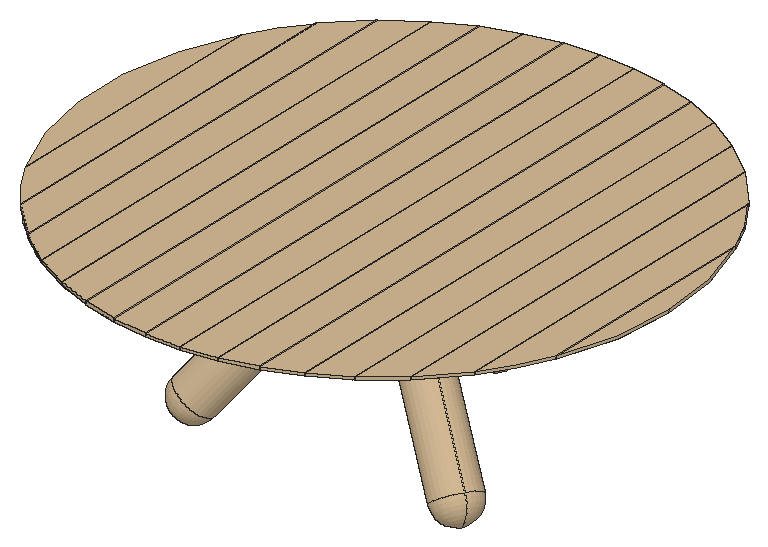
Revit family "MESA DE JANTAR AREA EXTERNA Ø200cm SEM TAMPO", category Sistema de mobiliário, Revit 2024
Family settings
  Cota do conector redondo = Utilizar diâmetro
  Tipo de parte = Normal
  Com base no plano de trabalho = Não
  Ativar corte nas vistas = Não
  Sempre na vertical = Sim
  Corte com vazios quando carregada = Não
  Compartilhado = Não
  Ponto de cálculo do ambiente = Não
Parameters
  Elevação padrão = 0.0 cm
Reference planes (cm)
  plane 1 "Centro (Frente/Trás)": y = 0
  plane 2: z = 0
  plane 3 "Centro (Esquerda/Direita)": x = 0
  plane 4: x = -100
  plane 5: x = 100
  plane 6: y = -99.8031
  plane 7: y = 99.8031
Forms (cm)
  Revolve 1, solid, material "MADEIRA NATURAL"
    sketch origin (0, 0, 0) x (1, 0, 0) y (0, 0, 1)
      loop
        line (0, 70.5988) -> (0, 74.6105) -> (-100, 74.6105) -> (-70, 70.5988) -> (0, 70.5988)
      axis (0, 74.6105) -> (0, 70.5988)
    angle from 0 to 360
  Extrusion 2, solid, material "MADEIRA NATURAL"
    sketch origin (0, 0, 74.6105) x (1, 0, 0) y (0, 1, 0)
      loop
        line (-88.1, -47.3116) -> (-88.1, 47.3116)
        arc (-88.1, 47.3116) -> (-100, 0) -> (-88.1, -47.3116) r 100
    from 0 to 1
  Extrusion 3, solid, material "MADEIRA NATURAL"
    sketch origin (12, 0, 74.6105) x (1, 0, 0) y (0, 1, 0)
      loop
        line (-88.1, -64.8752) -> (-88.1, 64.8752)
        arc (-88.1, 64.8752) -> (-94.5088, 56.5004) -> (-100, 47.4974) r 100
        line (-100, 47.4974) -> (-100, -47.4974)
        arc (-100, -47.4974) -> (-94.5088, -56.5004) -> (-88.1, -64.8752) r 100
    from 0 to 1
  Extrusion 4, solid, material "MADEIRA NATURAL"
    sketch origin (24, 0, 74.6105) x (1, 0, 0) y (0, 1, 0)
      loop
        line (-88.1, -76.7541) -> (-88.1, 76.7541)
        arc (-88.1, 76.7541) -> (-94.2964, 71.1225) -> (-100, 64.9923) r 100
        line (-100, 64.9923) -> (-100, -64.9923)
        arc (-100, -64.9923) -> (-94.2964, -71.1225) -> (-88.1, -76.7541) r 100
    from 0 to 1
  Extrusion 5, solid, material "MADEIRA NATURAL"
    sketch origin (36, 0, 74.6105) x (1, 0, 0) y (0, 1, 0)
      loop
        line (-88.1, -85.3557) -> (-88.1, 85.3557)
        arc (-88.1, 85.3557) -> (-94.206, 81.3146) -> (-100, 76.8375) r 100
        line (-100, 76.8375) -> (-100, -76.8375)
        arc (-100, -76.8375) -> (-94.206, -81.3146) -> (-88.1, -85.3557) r 100
    from 0 to 1
  Extrusion 6, solid, material "MADEIRA NATURAL"
    sketch origin (48, 0, 74.6105) x (1, 0, 0) y (0, 1, 0)
      loop
        line (-88.1, -91.6078) -> (-88.1, 91.6078)
        arc (-88.1, 91.6078) -> (-94.1539, 88.712) -> (-100, 85.4166) r 100
        line (-100, 85.4166) -> (-100, -85.4166)
        arc (-100, -85.4166) -> (-94.1539, -88.712) -> (-88.1, -91.6078) r 100
    from 0 to 1
  Extrusion 7, solid, material "MADEIRA NATURAL"
    sketch origin (60, 0, 74.6105) x (1, 0, 0) y (0, 1, 0)
      loop
        line (-88.1, -95.9708) -> (-88.1, 95.9708)
        arc (-88.1, 95.9708) -> (-94.1184, 93.9996) -> (-100, 91.6515) r 100
        line (-100, 91.6515) -> (-100, -91.6515)
        arc (-100, -91.6515) -> (-94.1184, -93.9996) -> (-88.1, -95.9708) r 100
    from 0 to 1
  Extrusion 8, solid, material "MADEIRA NATURAL"
    sketch origin (72, 0, 74.6105) x (1, 0, 0) y (0, 1, 0)
      loop
        line (-88.1, -98.6954) -> (-88.1, 98.6954)
        arc (-88.1, 98.6954) -> (-94.0911, 97.5294) -> (-100, 96) r 100
        line (-100, 96) -> (-100, -96)
        arc (-100, -96) -> (-94.0911, -97.5294) -> (-88.1, -98.6954) r 100
    from 0 to 1
  Extrusion 9, solid, material "MADEIRA NATURAL"
    sketch origin (84, 0, 74.6105) x (1, 0, 0) y (0, 1, 0)
      loop
        line (-88.1, -99.9159) -> (-88.1, 99.9159)
        arc (-88.1, 99.9159) -> (-94.068, 99.4919) -> (-100, 98.7117) r 100
        line (-100, 98.7117) -> (-100, -98.7117)
        arc (-100, -98.7117) -> (-94.068, -99.4919) -> (-88.1, -99.9159) r 100
    from 0 to 1
  Extrusion 10, solid, material "MADEIRA NATURAL"
    sketch origin (96, 0, 74.6105) x (1, 0, 0) y (0, 1, 0)
      loop
        line (-88.1, -99.6875) -> (-88.1, 99.6875)
        arc (-88.1, 99.6875) -> (-94.0465, 99.9809) -> (-100, 99.92) r 100
        line (-100, 99.92) -> (-100, -99.92)
        arc (-100, -99.92) -> (-94.0465, -99.9809) -> (-88.1, -99.6875) r 100
    from 0 to 1
  Extrusion 11, solid, material "MADEIRA NATURAL"
    sketch origin (108, 0, 74.6105) x (1, 0, 0) y (0, 1, 0)
      loop
        line (-88.1, -97.9999) -> (-88.1, 97.9999)
        arc (-88.1, 97.9999) -> (-94.0247, 99.0186) -> (-100, 99.6795) r 100
        line (-100, 99.6795) -> (-100, -99.6795)
        arc (-100, -99.6795) -> (-94.0247, -99.0186) -> (-88.1, -97.9999) r 100
    from 0 to 1
  Extrusion 12, solid, material "MADEIRA NATURAL"
    sketch origin (120, 0, 74.6105) x (1, 0, 0) y (0, 1, 0)
      loop
        line (-88.1, -94.7755) -> (-88.1, 94.7755)
        arc (-88.1, 94.7755) -> (-94.0006, 96.561) -> (-100, 97.9796) r 100
        line (-100, 97.9796) -> (-100, -97.9796)
        arc (-100, -97.9796) -> (-94.0006, -96.561) -> (-88.1, -94.7755) r 100
    from 0 to 1
  Extrusion 13, solid, material "MADEIRA NATURAL"
    sketch origin (132, 0, 74.6105) x (1, 0, 0) y (0, 1, 0)
      loop
        line (-88.1, -89.8487) -> (-88.1, 89.8487)
        arc (-88.1, 89.8487) -> (-93.9712, 92.4868) -> (-100, 94.7418) r 100
        line (-100, 94.7418) -> (-100, -94.7418)
        arc (-100, -94.7418) -> (-93.9712, -92.4868) -> (-88.1, -89.8487) r 100
    from 0 to 1
  Extrusion 14, solid, material "MADEIRA NATURAL"
    sketch origin (144, 0, 74.6105) x (1, 0, 0) y (0, 1, 0)
      loop
        line (-88.1, -82.9168) -> (-88.1, 82.9168)
        arc (-88.1, 82.9168) -> (-93.9316, 86.563) -> (-100, 89.7998) r 100
        line (-100, 89.7998) -> (-100, -89.7998)
        arc (-100, -89.7998) -> (-93.9316, -86.563) -> (-88.1, -82.9168) r 100
    from 0 to 1
  Extrusion 15, solid, material "MADEIRA NATURAL"
    sketch origin (156, 0, 74.6105) x (1, 0, 0) y (0, 1, 0)
      loop
        line (-88.1, -73.4138) -> (-88.1, 73.4138)
        arc (-88.1, 73.4138) -> (-93.8706, 78.3578) -> (-100, 82.8493) r 100
        line (-100, 82.8493) -> (-100, -82.8493)
        arc (-100, -82.8493) -> (-93.8706, -78.3578) -> (-88.1, -73.4138) r 100
    from 0 to 1
  Extrusion 16, solid, material "MADEIRA NATURAL"
    sketch origin (168, 0, 74.6105) x (1, 0, 0) y (0, 1, 0)
      loop
        line (-88.1, -60.1331) -> (-88.1, 60.1331)
        arc (-88.1, 60.1331) -> (-93.7566, 66.9919) -> (-100, 73.3212) r 100
        line (-100, 73.3212) -> (-100, -73.3212)
        arc (-100, -73.3212) -> (-93.7566, -66.9919) -> (-88.1, -60.1331) r 100
    from 0 to 1
  Extrusion 17, solid, material "MADEIRA NATURAL"
    sketch origin (180, 0, 74.6105) x (1, 0, 0) y (0, 1, 0)
      loop
        line (-88.1, -39.4258) -> (-88.1, 39.4258)
        arc (-88.1, 39.4258) -> (-93.4366, 50.0677) -> (-100, 60) r 100
        line (-100, 60) -> (-100, -60)
        arc (-100, -60) -> (-93.4366, -50.0677) -> (-88.1, -39.4258) r 100
    from 0 to 1
  Extrusion 18, solid, material "MADEIRA NATURAL"
    sketch origin (192, 0, 74.6105) x (1, 0, 0) y (0, 1, 0)
      loop
        arc (-100, -39.1918) -> (-94.0204, -20) -> (-92, 0) r 100
        arc (-92, 0) -> (-94.0204, 20) -> (-100, 39.1918) r 100
        line (-100, 39.1918) -> (-100, -39.1918)
    from 0 to 1
  Revolve 19, solid, material "MADEIRA NATURAL"
    sketch origin (-2.4431, 2.63, -1.1822) x (0.046498, 0.998772, 0.017073) y (-0.037496, 0.018825, -0.999119)
      loop
        line (51.3701, -2.4833) -> (7.4376, -60.7837)
        arc (7.4376, -60.7837) -> (13.3657, -62.3168) -> (18.6416, -59.2091) r 8.0003
        line (18.6416, -59.2091) -> (52.9447, -13.6874)
        arc (52.9447, -13.6874) -> (54.4778, -7.7592) -> (51.3701, -2.4833) r 8.0003
      axis (7.4376, -60.7837) -> (51.3701, -2.4833)
    angle from 0 to 360
  Revolve 20, solid, material "MADEIRA NATURAL"
    sketch origin (6.0353, -2.9696, -2.371) x (0.864889, -0.499695, 0.047663) y (-0.034878, 0.034899, 0.998782)
      loop
        arc (51.3701, 2.4833) -> (54.4778, 7.7592) -> (52.9447, 13.6874) r 8.0003
        line (52.9447, 13.6874) -> (18.6416, 59.2091)
        arc (18.6416, 59.2091) -> (13.3657, 62.3168) -> (7.4376, 60.7837) r 8.0003
        line (7.4376, 60.7837) -> (51.3701, 2.4833)
      axis (7.4376, 60.7837) -> (51.3701, 2.4833)
    angle from 0 to 360
  Revolve 21, solid, material "MADEIRA NATURAL"
    sketch origin (-6.0353, -2.9696, -2.371) x (-0.864889, -0.499695, 0.047663) y (-0.034878, -0.034899, -0.998782)
      loop
        line (51.3701, -2.4833) -> (7.4376, -60.7837)
        arc (7.4376, -60.7837) -> (13.3657, -62.3168) -> (18.6416, -59.2091) r 8.0003
        line (18.6416, -59.2091) -> (52.9447, -13.6874)
        arc (52.9447, -13.6874) -> (54.4778, -7.7592) -> (51.3701, -2.4833) r 8.0003
      axis (7.4376, -60.7837) -> (51.3701, -2.4833)
    angle from 0 to 360
  Extrusion 22, void
    sketch origin (-2.02, 22.5039, 0) x (0, 1, 0) y (0, 0, 1)
      loop
        arc (-20.4501, 30.5988) -> (7.8342, 42.3145) -> (19.5499, 70.5988) r 40
        line (19.5499, 70.5988) -> (-20.4501, 70.5988) -> (-20.4501, 30.5988)
    from 0 to 4
  Extrusion 23, void
    sketch origin (20.8705, -9.2474, 0) x (0.857167, -0.515038, 0) y (0, 0, 1)
      loop
        arc (-21.9739, 30.5988) -> (6.3104, 42.3145) -> (18.0261, 70.5988) r 40
        line (18.0261, 70.5988) -> (-21.9739, 70.5988) -> (-21.9739, 30.5988)
    from 0 to 4
  Extrusion 24, void
    sketch origin (-20.9205, -9.2474, 0) x (-0.857167, -0.515038, 0) y (0, 0, -1)
      loop
        line (-21.9739, -30.5988) -> (-21.9739, -70.5988) -> (18.0261, -70.5988)
        arc (18.0261, -70.5988) -> (6.3104, -42.3145) -> (-21.9739, -30.5988) r 40
    from 0 to 4
  Extrusion 25, solid, material "MADEIRA NATURAL"
    sketch origin (-2.02, 22.5039, 0) x (0, 1, 0) y (0, 0, 1)
      loop
        arc (-20.4501, 30.5988) -> (7.8342, 42.3145) -> (19.5499, 70.5988) r 40
        line (19.5499, 70.5988) -> (-20.4501, 70.5988) -> (-20.4501, 30.5988)
    from 0 to 4
  Extrusion 26, solid, material "MADEIRA NATURAL"
    sketch origin (20.8705, -9.2474, 0) x (0.857167, -0.515038, 0) y (0, 0, 1)
      loop
        arc (-21.9739, 30.5988) -> (6.3104, 42.3145) -> (18.0261, 70.5988) r 40
        line (18.0261, 70.5988) -> (-21.9739, 70.5988) -> (-21.9739, 30.5988)
    from 0 to 4
  Extrusion 27, solid, material "MADEIRA NATURAL"
    sketch origin (-20.9205, -9.2474, 0) x (-0.857167, -0.515038, 0) y (0, 0, -1)
      loop
        line (-21.9739, -30.5988) -> (-21.9739, -70.5988) -> (18.0261, -70.5988)
        arc (18.0261, -70.5988) -> (6.3104, -42.3145) -> (-21.9739, -30.5988) r 40
    from 0 to 4
Cuts and joins
  Extrusion 22 cuts Revolve 19
  Extrusion 24 cuts Revolve 21
  Extrusion 23 cuts Revolve 20
Dimensions and locks (cm)
  equal spacing: plane 6, plane 1 "Centro (Frente/Trás)", plane 7
  equal spacing: plane 4, plane 3 "Centro (Esquerda/Direita)", plane 5
  aligned and locked: level to plane 2
Automatic sketch dimensions
  Revolve 1 sketch curve to plane 4 = 0.0 cm
  Revolve 1 sketch curve to plane 3 "Centro (Esquerda/Direita)" = 0.0 cm  (x2)
  plane 4 to Revolve 1 sketch curve = 30.0 cm
  level to Revolve 1 sketch curve = 70.5988 cm
  Revolve 1 sketch curve to Revolve 1 sketch curve = 4.0117 cm
  Revolve 1 sketch curve to Revolve 1 sketch curve = 12.0883 cm
  Revolve 1 sketch curve to Revolve 1 sketch curve = 13.6 cm
  plane 1 "Centro (Frente/Trás)" to Extrusion 2 sketch curve = 0.0 cm
  Extrusion 2 sketch curve to plane 3 "Centro (Esquerda/Direita)" = 0.0 cm
  plane 4 to Extrusion 2 sketch curve = 11.9 cm
  plane 1 "Centro (Frente/Trás)" to Extrusion 2 sketch curve = 47.3116 cm
  Extrusion 3 sketch curve to Extrusion 3 sketch curve = 0.0 cm  (x2)
  plane 1 "Centro (Frente/Trás)" to Extrusion 3 sketch curve = 0.0 cm
  Extrusion 3 sketch curve to plane 3 "Centro (Esquerda/Direita)" = 0.0 cm
  plane 4 to Extrusion 3 sketch curve = 23.9 cm
  plane 4 to Extrusion 3 sketch curve = 12.0 cm
  plane 1 "Centro (Frente/Trás)" to Extrusion 3 sketch curve = 47.4974 cm
  Extrusion 3 sketch curve to plane 1 "Centro (Frente/Trás)" = 47.4974 cm
  Extrusion 4 sketch curve to Extrusion 4 sketch curve = 0.0 cm  (x2)
  plane 1 "Centro (Frente/Trás)" to Extrusion 4 sketch curve = 0.0 cm
  Extrusion 4 sketch curve to plane 3 "Centro (Esquerda/Direita)" = 0.0 cm
  plane 4 to Extrusion 4 sketch curve = 35.9 cm
  Extrusion 4 sketch curve to Extrusion 4 sketch curve = 11.9 cm
  Extrusion 4 sketch curve to plane 6 = 34.8108 cm
  plane 7 to Extrusion 4 sketch curve = 34.8108 cm
  Extrusion 5 sketch curve to Extrusion 5 sketch curve = 0.0 cm  (x2)
  plane 1 "Centro (Frente/Trás)" to Extrusion 5 sketch curve = 0.0 cm
  Extrusion 5 sketch curve to plane 3 "Centro (Esquerda/Direita)" = 0.0 cm
  plane 7 to Extrusion 5 sketch curve = 14.4475 cm
  plane 4 to Extrusion 5 sketch curve = 47.9 cm
  Extrusion 5 sketch curve to Extrusion 5 sketch curve = 11.9 cm
  Extrusion 5 sketch curve to plane 6 = 22.9656 cm
  Extrusion 6 sketch curve to Extrusion 6 sketch curve = 0.0 cm  (x2)
  plane 1 "Centro (Frente/Trás)" to Extrusion 6 sketch curve = 0.0 cm
  Extrusion 6 sketch curve to plane 3 "Centro (Esquerda/Direita)" = 0.0 cm
  Extrusion 6 sketch curve to plane 6 = 8.1953 cm
  Extrusion 6 sketch curve to plane 3 "Centro (Esquerda/Direita)" = 40.1 cm
  Extrusion 6 sketch curve to Extrusion 6 sketch curve = 11.9 cm
  plane 7 to Extrusion 6 sketch curve = 14.3865 cm
  Extrusion 7 sketch curve to Extrusion 7 sketch curve = 0.0 cm  (x2)
  plane 1 "Centro (Frente/Trás)" to Extrusion 7 sketch curve = 0.0 cm
  Extrusion 7 sketch curve to plane 3 "Centro (Esquerda/Direita)" = 0.0 cm
  Extrusion 7 sketch curve to plane 6 = 3.8324 cm
  Extrusion 7 sketch curve to plane 3 "Centro (Esquerda/Direita)" = 28.1 cm
  plane 7 to Extrusion 7 sketch curve = 8.1516 cm
  Extrusion 7 sketch curve to Extrusion 7 sketch curve = 11.9 cm
  Extrusion 8 sketch curve to Extrusion 8 sketch curve = 0.0 cm  (x2)
  plane 1 "Centro (Frente/Trás)" to Extrusion 8 sketch curve = 0.0 cm
  Extrusion 8 sketch curve to plane 3 "Centro (Esquerda/Direita)" = 0.0 cm
  Extrusion 8 sketch curve to plane 6 = 1.1077 cm
  Extrusion 8 sketch curve to plane 3 "Centro (Esquerda/Direita)" = 16.1 cm
  plane 7 to Extrusion 8 sketch curve = 3.8031 cm
  Extrusion 8 sketch curve to Extrusion 8 sketch curve = 11.9 cm
  Extrusion 9 sketch curve to Extrusion 9 sketch curve = 0.0 cm  (x2)
  plane 1 "Centro (Frente/Trás)" to Extrusion 9 sketch curve = 0.0 cm
  Extrusion 9 sketch curve to plane 3 "Centro (Esquerda/Direita)" = 0.0 cm
  plane 6 to Extrusion 9 sketch curve = 0.1128 cm
  Extrusion 9 sketch curve to plane 3 "Centro (Esquerda/Direita)" = 4.1 cm
  plane 7 to Extrusion 9 sketch curve = 1.0914 cm
  Extrusion 9 sketch curve to Extrusion 9 sketch curve = 11.9 cm
  Extrusion 10 sketch curve to Extrusion 10 sketch curve = 0.0 cm  (x2)
  plane 1 "Centro (Frente/Trás)" to Extrusion 10 sketch curve = 0.0 cm
  Extrusion 10 sketch curve to plane 3 "Centro (Esquerda/Direita)" = 0.0 cm
  Extrusion 10 sketch curve to plane 7 = 0.1168 cm
  Extrusion 10 sketch curve to plane 3 "Centro (Esquerda/Direita)" = 4.0 cm
  Extrusion 10 sketch curve to plane 6 = 0.1157 cm
  plane 3 "Centro (Esquerda/Direita)" to Extrusion 10 sketch curve = 7.9 cm
  Extrusion 11 sketch curve to Extrusion 11 sketch curve = 0.0 cm  (x2)
  plane 1 "Centro (Frente/Trás)" to Extrusion 11 sketch curve = 0.0 cm
  Extrusion 11 sketch curve to plane 3 "Centro (Esquerda/Direita)" = 0.0 cm
  Extrusion 11 sketch curve to plane 6 = 0.1236 cm
  plane 3 "Centro (Esquerda/Direita)" to Extrusion 11 sketch curve = 8.0 cm
  plane 7 to Extrusion 11 sketch curve = 1.8032 cm
  Extrusion 11 sketch curve to Extrusion 11 sketch curve = 11.9 cm
  Extrusion 12 sketch curve to Extrusion 12 sketch curve = 0.0 cm  (x2)
  plane 1 "Centro (Frente/Trás)" to Extrusion 12 sketch curve = 0.0 cm
  Extrusion 12 sketch curve to plane 3 "Centro (Esquerda/Direita)" = 0.0 cm
  plane 7 to Extrusion 12 sketch curve = 1.8235 cm
  plane 3 "Centro (Esquerda/Direita)" to Extrusion 12 sketch curve = 20.0 cm
  plane 7 to Extrusion 12 sketch curve = 5.0277 cm
  Extrusion 12 sketch curve to plane 6 = 5.0277 cm
  Extrusion 13 sketch curve to Extrusion 13 sketch curve = 0.0 cm  (x2)
  plane 1 "Centro (Frente/Trás)" to Extrusion 13 sketch curve = 0.0 cm
  Extrusion 13 sketch curve to plane 3 "Centro (Esquerda/Direita)" = 0.0 cm
  Extrusion 13 sketch curve to plane 6 = 5.0614 cm
  plane 3 "Centro (Esquerda/Direita)" to Extrusion 13 sketch curve = 32.0 cm
  Extrusion 13 sketch curve to Extrusion 13 sketch curve = 11.9 cm
  plane 7 to Extrusion 13 sketch curve = 9.9544 cm
  Extrusion 14 sketch curve to Extrusion 14 sketch curve = 0.0 cm  (x2)
  plane 1 "Centro (Frente/Trás)" to Extrusion 14 sketch curve = 0.0 cm
  Extrusion 14 sketch curve to plane 3 "Centro (Esquerda/Direita)" = 0.0 cm
  plane 7 to Extrusion 14 sketch curve = 10.0034 cm
  plane 3 "Centro (Esquerda/Direita)" to Extrusion 14 sketch curve = 44.0 cm
  Extrusion 14 sketch curve to Extrusion 14 sketch curve = 11.9 cm
  Extrusion 14 sketch curve to plane 6 = 16.8864 cm
  Extrusion 15 sketch curve to Extrusion 15 sketch curve = 0.0 cm  (x2)
  plane 1 "Centro (Frente/Trás)" to Extrusion 15 sketch curve = 0.0 cm
  Extrusion 15 sketch curve to plane 3 "Centro (Esquerda/Direita)" = 0.0 cm
  Extrusion 15 sketch curve to plane 6 = 16.9539 cm
  Extrusion 15 sketch curve to plane 5 = 44.0 cm
  Extrusion 15 sketch curve to Extrusion 15 sketch curve = 11.9 cm
  plane 7 to Extrusion 15 sketch curve = 26.3893 cm
  Extrusion 16 sketch curve to Extrusion 16 sketch curve = 0.0 cm  (x2)
  plane 1 "Centro (Frente/Trás)" to Extrusion 16 sketch curve = 0.0 cm
  Extrusion 16 sketch curve to plane 3 "Centro (Esquerda/Direita)" = 0.0 cm
  Extrusion 16 sketch curve to plane 5 = 32.0 cm
  Extrusion 16 sketch curve to Extrusion 16 sketch curve = 11.9 cm
  Extrusion 16 sketch curve to plane 6 = 39.67 cm
  plane 7 to Extrusion 16 sketch curve = 39.67 cm
  Extrusion 17 sketch curve to Extrusion 17 sketch curve = 0.0 cm  (x2)
  plane 1 "Centro (Frente/Trás)" to Extrusion 17 sketch curve = 0.0 cm
  Extrusion 17 sketch curve to plane 3 "Centro (Esquerda/Direita)" = 0.0 cm
  Extrusion 17 sketch curve to plane 5 = 20.0 cm
  Extrusion 17 sketch curve to plane 5 = 8.1 cm
  plane 1 "Centro (Frente/Trás)" to Extrusion 17 sketch curve = 39.4258 cm
  Extrusion 17 sketch curve to plane 1 "Centro (Frente/Trás)" = 39.4258 cm
  Extrusion 18 sketch curve to Extrusion 18 sketch curve = 0.0 cm  (x2)
  plane 1 "Centro (Frente/Trás)" to Extrusion 18 sketch curve = 0.0 cm
  Extrusion 18 sketch curve to plane 3 "Centro (Esquerda/Direita)" = 0.0 cm
  Extrusion 18 sketch curve to plane 5 = 0.0 cm
  Extrusion 18 sketch curve to plane 5 = 8.0 cm
  Revolve 19 sketch curve to Revolve 19 sketch curve = 4.8147 cm  (x3)
  Revolve 19 sketch curve to Revolve 19 sketch curve = 6.3893 cm  (x2)
  Revolve 19 sketch curve to Revolve 19 sketch curve = 34.3031 cm
  Revolve 19 sketch curve to Revolve 19 sketch curve = 1.5746 cm
  Revolve 19 sketch curve to Revolve 19 sketch curve = 45.5217 cm
  Revolve 19 sketch curve to Revolve 19 sketch curve = 0.5124 cm
  Revolve 19 sketch curve to Revolve 19 sketch curve = 0.306 cm
  Revolve 19 sketch curve to Revolve 19 sketch curve = 0.68 cm
  Revolve 19 sketch curve to Revolve 19 sketch curve = 0.4061 cm
  Revolve 20 sketch curve to Revolve 20 sketch curve = 4.8147 cm  (x3)
  Revolve 20 sketch curve to Revolve 20 sketch curve = 6.3893 cm  (x3)
  Revolve 20 sketch curve to Revolve 20 sketch curve = 34.3031 cm
  Revolve 20 sketch curve to Revolve 20 sketch curve = 45.5217 cm
  Revolve 20 sketch curve to Revolve 20 sketch curve = 0.5124 cm
  Revolve 20 sketch curve to Revolve 20 sketch curve = 0.306 cm
  Revolve 20 sketch curve to Revolve 20 sketch curve = 0.4061 cm
  Revolve 20 sketch curve to Revolve 20 sketch curve = 0.68 cm
  Revolve 21 sketch curve to Revolve 21 sketch curve = 4.8147 cm  (x3)
  Revolve 21 sketch curve to Revolve 21 sketch curve = 6.3893 cm  (x2)
  Revolve 21 sketch curve to Revolve 21 sketch curve = 34.3031 cm
  Revolve 21 sketch curve to Revolve 21 sketch curve = 1.5746 cm
  Revolve 21 sketch curve to Revolve 21 sketch curve = 45.5217 cm
  Revolve 21 sketch curve to Revolve 21 sketch curve = 0.5124 cm
  Revolve 21 sketch curve to Revolve 21 sketch curve = 0.306 cm
  Revolve 21 sketch curve to Revolve 21 sketch curve = 0.68 cm
  Revolve 21 sketch curve to Revolve 21 sketch curve = 0.4061 cm
  Extrusion 22 sketch curve to plane 1 "Centro (Frente/Trás)" = 2.0538 cm
  Extrusion 22 sketch curve to Extrusion 22 sketch curve = 40.0 cm
  level to Extrusion 22 sketch curve = 30.5988 cm
  level to Extrusion 23 sketch curve = 70.5988 cm
  Extrusion 23 sketch curve to Extrusion 23 sketch curve = 40.0 cm
  level to Extrusion 24 sketch curve = 70.5988 cm
  Extrusion 24 sketch curve to Extrusion 24 sketch curve = 40.0 cm
  Extrusion 25 sketch curve to plane 1 "Centro (Frente/Trás)" = 2.0538 cm
  Extrusion 25 sketch curve to Extrusion 25 sketch curve = 40.0 cm
  level to Extrusion 25 sketch curve = 30.5988 cm
  level to Extrusion 26 sketch curve = 70.5988 cm
  Extrusion 26 sketch curve to Extrusion 26 sketch curve = 40.0 cm
  level to Extrusion 27 sketch curve = 70.5988 cm
  Extrusion 27 sketch curve to Extrusion 27 sketch curve = 40.0 cm
